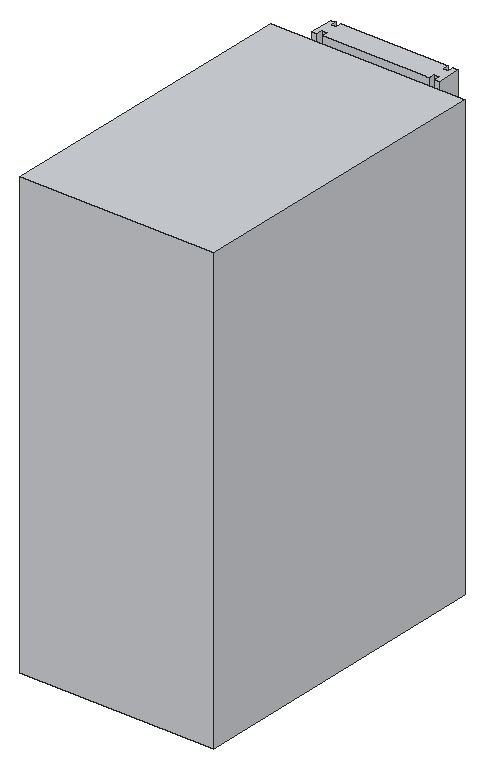
Revit family "ElevatorCart", category Vertical Circulation, Revit 2025
Family settings
  Round Connector Dimension = Use Diameter
  Part Type = Normal
  Enable Cutting in Views = Yes
  Always vertical = Yes
  Cut with Voids When Loaded = No
  Maintain Annotation Orientation = Yes
  Shared = No
  Room Calculation Point = No
Parameters (values of type "Emergency")
  is_counter_rear [instance] = yes
  Width = 6' - 4"
  WallGap = 1' - 2"
  SideGap = 0' - 7"  # constant formula
  ShowGuide = 2 < 1  # no
  ShowCounter_Side [instance] = not(is_counter_rear)  # no
  ShowCounter_Rear [instance] = is_counter_rear  # yes
  FTF [instance] = 14' - 6"
  ElevatorNote = "ED"
  Depth = 10' - 3"
  Default Elevation = 0' - 0"
  Cost = 1
Types (11): name | Width | WallGap | ElevatorNote | Depth
  Emergency | 6' - 4" | 1' - 2" | "ED" | 10' - 3"
  Patient | 7' - 6" | 0' - 8" | "PT" | 10' - 0"
  Visitor | 8' - 0" | 1' - 0" | "V" | 6' - 4"
  Service(SPD) | 6' - 0" | 0' - 7 3/4" | "SPD" | 10' - 7"
  Service(SPC) | 6' - 0" | 0' - 7 3/4" | "SPC" | 10' - 7"
  Service(KT) | 8' - 0" | 0' - 6 1/4" | "KT" | 7' - 2"
  Robot | 5' - 10" | 0' - 8" | "AGV" | 10' - 0"
  Service(ST) | 6' - 0" | 0' - 7 3/4" | "ST" | 10' - 0"
  Service (SC) | 8' - 0" | 0' - 6 1/4" | "SC" | 7' - 2"
  Service (S) | 7' - 8" | 0' - 8" | "S" | 10' - 0"
  Patient Trauma | 10' - 4" | 0' - 8" | "T" | 11' - 0"
Reference planes (in)
  plane 1 "Center (Front/Back)": y = 0
  plane 2: z = 0
  plane 3 "Center (Left/Right)": x = 0
  plane 4: y = 14
  plane 5: y = 137
  plane 6: x = -38
  plane 7: x = 38
  plane 8: y = 75.5
  plane 9: x = -45
  plane 10: x = 45
Forms (in)
  Extrusion 1, solid
    sketch origin (0, 0, 0) x (1, 0, 0) y (0, 1, 0)
      loop
        line (-38, 137) -> (-38, 14) -> (38, 14) -> (38, 137) -> (-38, 137)
    from 0 to 174 <- "FTF"
Lines and regions (in)
  symbolic lines, style "Anno"
    curve 1: line (-38, 14, 0) -> (38, 137, 0)
    curve 2: line (-38, 137, 0) -> (38, 14, 0)
  symbolic lines, visible <- "ShowGuide"
    curve 3: line (-45, 137, 0) -> (-45, 0, 0)
    curve 4: line (-45, 0, 0) -> (45, 0, 0)
    curve 5: line (45, 0, 0) -> (45, 137, 0)
Dimensions and locks (in)
  equal spacing: plane 6, plane 3 "Center (Left/Right)", plane 7
  "Depth": plane 5 to plane 4
  "Width": plane 6 to plane 7
  equal spacing: plane 5, plane 8, plane 4
  "FTF": level to level
  "WallGap": plane 1 "Center (Front/Back)" to plane 4
  "SideGap": plane 9 to plane 6
  "SideGap": plane 7 to plane 10
  aligned and locked: plane 2 to level
  aligned and locked: Extrusion 1 sketch curve to plane 5
  aligned and locked: plane 6 to Extrusion 1 sketch curve
  aligned and locked: plane 4 to Extrusion 1 sketch curve
  aligned and locked: Extrusion 1 sketch curve to plane 7
  aligned and locked: plane 3 "Center (Left/Right)" to nested 1
  aligned and locked: nested 1 to plane 8
  aligned and locked: plane 5 to curve 5
  aligned and locked: plane 5 to curve 3
  aligned and locked: curve 3 to plane 9
  aligned and locked: plane 10 to curve 5
  aligned and locked: plane 8 to nested 3
  aligned and locked: plane 3 "Center (Left/Right)" to nested 2
  aligned and locked: nested 2 to plane 5
  aligned and locked: plane 6 to nested 3
Automatic sketch dimensions
  curve 1 to plane 4 = 0' - 0"
  curve 1 to plane 6 = 0' - 0"
  curve 2 to plane 5 = 0' - 0"
  curve 2 to plane 6 = 0' - 0"
  curve 1 to plane 5 = 0' - 0"
  curve 1 to plane 7 = 0' - 0"
  curve 2 to plane 4 = 0' - 0"
  curve 2 to plane 7 = 0' - 0"
  plane 1 "Center (Front/Back)" to curve 5 = 0' - 0"
Nested families (in)
  nested 1: "ElevatorNote" at (0, 75.5, 0), Note <- "ElevatorNote", type "ElevatorNote"
    with Note "ED"
  nested 2: "CounterWeight" at (0, 137, 0), h <- "FTF", visible <- "ShowCounter_Rear", type "CounterWeight"
    with h 14' - 6"
  nested 3: "CounterWeight" at (-38, 75.5, 0) x (0, 1, 0) z (0, 0, 1), h <- "FTF", visible <- "ShowCounter_Side", type "CounterWeight"
    with h 14' - 6"
Definition of nested family "CounterWeight"
  Parameters (values of type "CounterWeight")
    x = 0' - 2"  # constant formula
    w = 3' - 6"  # constant formula
    h [instance] = 1' - 0"
    d = 0' - 9"  # constant formula
    Default Elevation = 0' - 0"
  Reference planes (in)
    plane 1 "Center (Front/Back)": y = 0
    plane 2: z = 0
    plane 3 "Center (Left/Right)": x = 0
  Forms (in)
    Extrusion 1, solid
      sketch origin (0, 0, 0) x (1, 0, 0) y (0, 1, 0)
        loop
          line (-21, 13) -> (-21, 11) -> (-23, 11) -> (-23, 13) -> (-25, 13) -> (-25, 4) -> (-23, 4) -> (-23, 6) -> (-21, 6) -> (-21, 4) -> (21, 4) -> (21, 6) -> (23, 6) -> (23, 4) -> (25, 4) -> (25, 13) -> (23, 13) -> (23, 11) -> (21, 11) -> (21, 13) -> (-21, 13)
      from 0 to 12 <- "h"
  Dimensions and locks (in)
    plane 1 "Center (Front/Back)" to Extrusion 1 sketch curve = 0' - 4"
    "d": Extrusion 1 sketch curve to Extrusion 1 sketch curve
    "w": Extrusion 1 sketch curve to Extrusion 1 sketch curve
    equal spacing: Extrusion 1 sketch curve, plane 3 "Center (Left/Right)", Extrusion 1 sketch curve
    "x": Extrusion 1 sketch curve to Extrusion 1 sketch curve to Extrusion 1 sketch curve  (x2)
    "x": Extrusion 1 sketch curve to Extrusion 1 sketch curve  (x4)
    aligned and locked: plane 2 to level
    aligned and locked: Extrusion 1 sketch curve to Extrusion 1 sketch curve  (x8)
Definition of nested family "ElevatorNote"
  Parameters (values of type "ElevatorNote")
    Note [instance] = ""
  Reference planes (in)
    plane 1: y = 0
    plane 2: x = 0
  Text (in)
    label "xxx" at (0.00145, 0.01171, 0), shows "Note"
